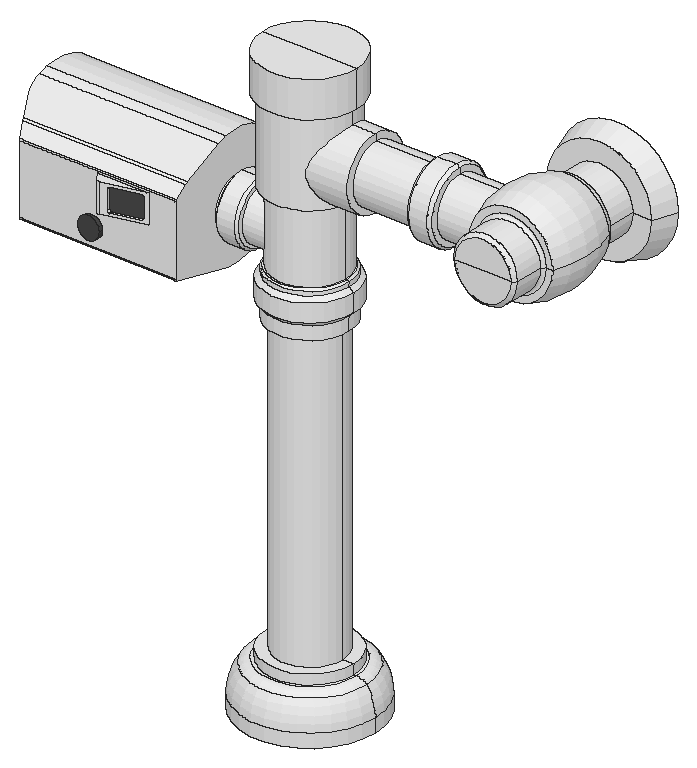
Revit family "Flush_Valve-Toilet-American_Standard-Sensor-6047SM_Series", category Plumbing Fixtures, Revit 2018
Family settings
  Round Connector Dimension = Use Radius
  Part Type = Normal
  OmniClass Number = 23.45.05.14.99
  OmniClass Title = Other Sanitary Washing Plumbing Fixtures
  Work Plane-Based = Yes
  Always vertical = No
  Cut with Voids When Loaded = No
  Shared = Yes
  Room Calculation Point = No
Parameters (values of type "6047SM.111")
  Width = 5 1/4"
  Waste Connection = no
  Warranty Information = "1 Year Limited Warranty"
  WFU = 0
  Vent Connection = no
  URL = "http://www.americanstandard-us.com/"
  Type Comments = ""
  Revised Date = "04/23/2021"  # constant formula
  Product Page URL = "https://www.americanstandard-us.com/bathroom/commercial-flushometers/manual-toilet-flush-valve-with-side-mount-operator-11-gpf-31950"
  Product Documentation Link = "https://www.americanstandard-us.com/-/media/sites/asus/files/product-specs/commercial-flush-valves/toilet-flush-valve-side-operator-6047sm121-6047sm161/spec-sheet-6047sm111-6047sm121-6047sm161.pdf?la=en"
  Price = "Prices may vary. Please consult Manufacturer Representative for most up-to-date price list."  # constant formula
  Model = "6047SM.111"
  Material = "Brass-American Standard-002-Polished Chrome"
  Manufacturer = "American Standard"  # constant formula
  Length = 2 1/4"
  Installation Type = "Surface Mounted"  # constant formula
  IAPMO Compliance = "ASSE 1037, ANSI/ASME A112.19.2, ADA Compliant"  # constant formula
  Height = 13 1/2"
  HWFU = 0
  HW Connection = no
  Flush Rate = "1.1 gpf (4.2 lpf)"
  Finish = Metal-American Standard-Brass-002-Polished Chrome
  Description = "The sensor-operated toilet flush valve features a touch-free side operator that automatically flushes the toilet to keep hands germ-free. This WaterSense certified flush valve is designed to fit ½” (38mm) top spud bowls and can be installed left or right handed."  # constant formula
  Default Elevation = 0"
  Creation Date = "09/16/2019"  # constant formula
  Cold Water Connection Width = 5 1/4"
  Cold Water Connection Radius = 3/8"
  Cold Water Connection Height = 11 1/2"
  Cold Water Connection Diameter = Cold Water Connection Radius * 2  # 3/4"
  CWFU = 5  # constant formula
  CW Connection = yes
  Assembly Code = "D2020300"
  ADA Compliant = yes
Types (4): name | Product Page URL | Model | Flush Rate
  (no name) | "https://www.americanstandard-us.com/bathroom/commercial-flushometers/manual-toilet-flush-valve-with-side-mount-operator-11-gpf-31950" | "6047SM.111" | "1.1 gpf (4.2 lpf)"
  6047SM.111 | "https://www.americanstandard-us.com/bathroom/commercial-flushometers/manual-toilet-flush-valve-with-side-mount-operator-11-gpf-31950" | "6047SM.111" | "1.1 gpf (4.2 lpf)"
  6047SM.121 | "https://www.americanstandard-us.com/bathroom/commercial-flushometers/manual-toilet-flush-valve-with-side-mount-operator-128-gpf-31948" | "6047SM.121" | "1.28 gpf (4.8 lpf)"
  6047SM.161 | "https://www.americanstandard-us.com/bathroom/commercial-flushometers/manual-toilet-flush-valve-with-side-mount-operator-16-gpf-31946" | "6047SM.161" | "1.6 gpf (6.0 lpf)"
Reference planes (in)
  plane 1 "Center (Front/Back)": y = -1.78125
  plane 2: z = 0
  plane 3 "Center (Left/Right)": x = 0
  plane 4: z = 13.5
  plane 5: z = 11.5
  plane 6 "Right": x = 5.25
  plane 7: y = 0.46875
  plane 8: x = -0.75
  plane 9: x = 0.75
  plane 10: y = -3.37741
  plane 11: x = 4.4955
  plane 12: x = 4.52212
  plane 13: x = 4.75
  plane 14: x = 3.87205
  plane 15: x = 3.42517
  plane 16: x = 2.86963
  plane 17: x = 1.5
  plane 18: y = -0.79952
  plane 19: y = -0.04296
Forms (in)
  Revolve 1, solid, material "Metal-American Standard-Brass-002-Polished Chrome" <- "Finish"
    sketch origin (0, -1.78125, 0) x (1, 0, 0) y (0, 0, -1)
      loop
        line (0, 0) -> (0, -13.5) -> (1.08292, -13.5) -> (1.08292, -12.67455) -> (0.97283, -12.67455) -> (0.97283, -10.74574) -> (0.82145, -10.74574) -> (0.82145, -9.08963) -> (0.85876, -9.08963) -> (0.90102, -9.04737) -> (0.90102, -8.95458) -> (0.99883, -8.85677) -> (0.99883, -8.44579) -> (0.90102, -8.34797) -> (0.90102, -8.04002) -> (0.75, -8.04002) -> (0.75, -1.24313) -> (1, -1.24313) -> (1, -1.02729) -> (1.07406, -1.02729)
        arc (1.07406, -1.02729) -> (1.20004, -0.99743) -> (1.29923, -0.91423) r 0.28075
        arc (1.29923, -0.91423) -> (1.4485, -0.62758) -> (1.5, -0.30853) r 1.01405
        line (1.5, -0.30853) -> (1.5, 0) -> (0, 0)
      axis (0, 0) -> (0, -13.5)
    angle from 0 to 360
  Revolve 2, solid, material "Metal-American Standard-Brass-002-Polished Chrome" <- "Finish"
    sketch origin (0.0625, -1.78125, -0.13662) x (1, 0, 0) y (0, 0, -1)
      loop
        line (-0.06434, -9.90057) -> (-2.18898, -9.90057) -> (-2.18898, -10.49114) -> (-1.66905, -10.49114) -> (-1.66905, -10.56986) -> (-1.6157, -10.62321) -> (-1.20908, -10.62321) -> (-1.15574, -10.56986) -> (-1.15574, -10.49114) -> (-0.06434, -10.49114) -> (-0.06434, -9.90057)
      axis (-0.06434, -9.90057) -> (-2.18898, -9.90057)
    angle from 0 to 360
  Revolve 3, solid, material "Metal-American Standard-Brass-002-Polished Chrome" <- "Finish"
    sketch origin (0, -1.78125, -0.15234) x (1, 0, 0) y (0, 0, -1)
      loop
        line (0, -11.65271) -> (0, -12.46307) -> (1.5, -12.46307) -> (1.5, -12.31047) -> (2.86963, -12.31047) -> (2.86963, -12.43567) -> (2.93984, -12.49671) -> (3.35496, -12.49671) -> (3.42517, -12.43567) -> (3.42517, -12.31047) -> (5.25, -12.31047) -> (5.25, -11.65271) -> (0, -11.65271)
      axis (0, -11.65271) -> (5.25, -11.65271)
    angle from 0 to 360
  Revolve 4, solid, material "Metal-American Standard-Brass-002-Polished Chrome" <- "Finish"
    sketch origin (0.14878, -180, 11.5) x (-1, 0, 0) y (0, -1, 0)
      loop
        line (-5.10122, -176.62259) -> (-5.10122, -180.78092) -> (-4.60122, -180.78092) -> (-4.60122, -180.46875) -> (-3.72327, -180.46875) -> (-3.89947, -179.95704) -> (-4.34672, -179.95704) -> (-4.34672, -179.24342)
        arc (-4.34672, -179.24342) -> (-4.34173, -179.21992) -> (-4.32761, -179.20048) r 0.0578
        line (-4.32761, -179.20048) -> (-4.25739, -179.20048)
        arc (-4.25739, -179.20048) -> (-4.20464, -179.11953) -> (-4.20084, -179.02299) r 0.18174
        line (-4.20084, -179.02299) -> (-4.15066, -179.02299)
        arc (-4.15066, -179.02299) -> (-3.98559, -178.21754) -> (-4.15041, -177.41203) r 2.04921
        line (-4.15041, -177.41203) -> (-4.29876, -177.41203)
        arc (-4.29876, -177.41203) -> (-4.3515, -177.39019) -> (-4.37334, -177.33745) r 0.07459
        line (-4.37334, -177.33745) -> (-4.37334, -176.70026) -> (-4.45162, -176.62259) -> (-5.10122, -176.62259)
      axis (-5.10122, -176.62259) -> (-5.10122, -180.78092)
    angle from 0 to 360
  Extrusion 5, solid, material "Metal-American Standard-Brass-002-Polished Chrome" <- "Finish"
    sketch origin (0, 0, -0.77498) x (0, -1, 0) y (0, 0, 1)
      loop
        arc (0.7196, 11.54604) -> (0.66257, 11.44624) -> (0.64278, 11.333) r 0.3338
        line (0.64278, 11.333) -> (0.64278, 10.00245)
        arc (0.64278, 10.00245) -> (0.66336, 9.88528) -> (0.72265, 9.78215) r 0.34375
        arc (0.72265, 9.78215) -> (1.27706, 9.38238) -> (1.95534, 9.29794) r 1.37902
        arc (1.95534, 9.29794) -> (2.00062, 9.30506) -> (2.0454, 9.31483) r 0.77852
        line (2.0454, 9.31483) -> (3.42898, 9.6598)
        arc (3.42898, 9.6598) -> (3.45031, 9.67365) -> (3.45859, 9.6977) r 0.03906
        line (3.45859, 9.6977) -> (3.45859, 11.28703)
        arc (3.45859, 11.28703) -> (3.45492, 11.3036) -> (3.44459, 11.31705) r 0.03919
        line (3.44459, 11.31705) -> (3.19908, 11.52306)
        arc (3.19908, 11.52306) -> (3.17336, 11.54175) -> (3.14529, 11.55667) r 0.22786
        line (3.14529, 11.55667) -> (2.25444, 11.95331)
        arc (2.25444, 11.95331) -> (2.15025, 11.99273) -> (2.04226, 12.02002) r 0.97568
        arc (2.04226, 12.02002) -> (1.31604, 11.96411) -> (0.7196, 11.54604) r 1.37902
    from 1.71353 to 5.8125
  Extrusion 6, void
    sketch origin (-0.14878, 180, 10.72502) x (1, 0, 0) y (0, 1, 0)
      loop
        line (-5.66372, -180.64278) -> (-6.00337, -180.64278) -> (-5.89562, -183.72841) -> (-5.01445, -183.72841) -> (-5.5828, -182.6595)
        arc (-5.5828, -182.6595) -> (-5.64319, -182.50219) -> (-5.66372, -182.33495) r 0.69132
        line (-5.66372, -182.33495) -> (-5.66372, -180.64278)
    from -2.81828 to 0.875
  Extrusion 7, solid, material "Metal-American Standard-Brass-002-Polished Chrome" <- "Finish"
    sketch origin (-0.14878, 180, 10.72502) x (1, 0, 0) y (0, 1, 0)
      loop
        line (-2.04741, -183.41821) -> (-2.04741, -183.16816) -> (-3.56785, -183.16816) -> (-3.21807, -183.66771)
        arc (-3.21807, -183.66771) -> (-3.18801, -183.69098) -> (-3.15006, -183.69314) r 0.06409
        line (-3.15006, -183.69314) -> (-2.04741, -183.41821)
    from -0.91473 to -0.25
  Extrusion 8, void
    sketch origin (-5.8125, 0, -0.77498) x (0, 0, -1) y (0, 1, 0)
      loop
        circle (-10.66593, -1.78125) r 0.1816
      loop
        circle (-10.66593, -1.78125) r 0.13712
      loop
        arc (-11.37543, -0.78504) -> (-11.88524, -1.78125) -> (-11.37543, -2.77746) r 1.22823
        line (-11.37543, -2.77746) -> (-9.93859, -2.77746)
        arc (-9.93859, -2.77746) -> (-9.42878, -1.78125) -> (-9.93859, -0.78504) r 1.22823
        line (-9.93859, -0.78504) -> (-11.37543, -0.78504)
      loop
        line (-11.35495, -2.71496) -> (-9.95907, -2.71496)
        arc (-9.95907, -2.71496) -> (-9.49128, -1.78125) -> (-9.95907, -0.84754) r 1.16573
        line (-9.95907, -0.84754) -> (-11.35495, -0.84754)
        arc (-11.35495, -0.84754) -> (-11.82274, -1.78125) -> (-11.35495, -2.71496) r 1.16573
    from -0.14931 to 0.14401
  Extrusion 9, void
    sketch origin (-1.30197, -1.37802, -0.77498) x (-0.970296, -0.241922, 0) y (0, 0, -1)
      loop
        line (1.66643, -11.19146) -> (2.27505, -11.19146)
        arc (2.27505, -11.19146) -> (2.31651, -11.17428) -> (2.33369, -11.13282) r 0.05863
        line (2.33369, -11.13282) -> (2.33369, -10.70306)
        arc (2.33369, -10.70306) -> (2.31651, -10.6616) -> (2.27505, -10.64443) r 0.05863
        line (2.27505, -10.64443) -> (1.6652, -10.64443)
        arc (1.6652, -10.64443) -> (1.61825, -10.66388) -> (1.5988, -10.71083) r 0.06641
        line (1.5988, -10.71083) -> (1.5988, -11.12382)
        arc (1.5988, -11.12382) -> (1.61861, -11.17165) -> (1.66643, -11.19146) r 0.06763
    from 1.69834 to 1.80167
  Extrusion 10, solid, material "Black Sensor"
    sketch origin (-0.78125, -2.01563, -0.77498) x (-1, 0, 0) y (0, 0, -1)
      loop
        circle (2.88956, -10.10505) r 0.25
    from 0 to 1.52538
Cuts and joins
  joined: Revolve 1, Revolve 2, Revolve 3
  Extrusion 6 cuts Revolve 4
  Extrusion 6, Extrusion 8, Extrusion 9 cuts Extrusion 5
  Extrusion 9 cuts Extrusion 7
  joined: Extrusion 5, Extrusion 7
Lines and regions (in)
  Masking region 1
    outline origin (0.14878, -180, 11.5) x (-1, 0, 0) y (0, -1, 0)
      loop
        line (-4.37395, -177.33579) -> (-4.37395, -176.70026) -> (-4.45162, -176.62259) -> (-5.75141, -176.62259) -> (-5.82908, -176.70026) -> (-5.82908, -177.33983)
        arc (-5.82908, -177.33983) -> (-5.85023, -177.39089) -> (-5.90128, -177.41203) r 0.07221
        line (-5.90128, -177.41203) -> (-6.05179, -177.41203)
        arc (-6.05179, -177.41203) -> (-6.21934, -178.21751) -> (-6.05179, -179.02299) r 2.01983
        line (-6.05179, -179.02299) -> (-6.00161, -179.02299)
        arc (-6.00161, -179.02299) -> (-5.99811, -179.11962) -> (-5.94506, -179.20048) r 0.17982
        line (-5.94506, -179.20048) -> (-5.87488, -179.20048)
        arc (-5.87488, -179.20048) -> (-5.86096, -179.22005) -> (-5.85573, -179.24349) r 0.06061
        line (-5.85573, -179.24349) -> (-5.85573, -179.95704) -> (-6.30298, -179.95704) -> (-6.47918, -180.46875) -> (-5.60122, -180.46875) -> (-5.60122, -180.78092) -> (-4.60122, -180.78092) -> (-4.60122, -180.46875) -> (-3.72327, -180.46875) -> (-3.89947, -179.95704) -> (-4.34634, -179.95704) -> (-4.34634, -179.24244)
        arc (-4.34634, -179.24244) -> (-4.341, -179.21939) -> (-4.32677, -179.20048) r 0.05716
        line (-4.32677, -179.20048) -> (-4.25739, -179.20048)
        arc (-4.25739, -179.20048) -> (-4.20386, -179.11978) -> (-4.20084, -179.02299) r 0.17694
        line (-4.20084, -179.02299) -> (-4.15066, -179.02299) -> (-4.09281, -178.87651) -> (-3.2764, -178.87651) -> (-3.2764, -179.00171) -> (-3.20619, -179.06275) -> (-2.79107, -179.06275) -> (-2.72086, -179.00171) -> (-2.72086, -178.87651) -> (-1.35122, -178.87651) -> (-1.35122, -179.02911) -> (-1.11349, -179.02911)
        arc (-1.11349, -179.02911) -> (0.19981, -179.71788) -> (1.46323, -178.94139) r 1.5
        line (1.46323, -178.94139) -> (1.70198, -178.94139) -> (1.75532, -178.88804) -> (1.75532, -178.80932) -> (1.8623, -178.80932) -> (1.8623, -179.35722) -> (5.96128, -179.35722) -> (5.96128, -177.66505)
        arc (5.96128, -177.66505) -> (5.94074, -177.49781) -> (5.88035, -177.3405) r 0.69132
        line (5.88035, -177.3405) -> (5.45547, -176.54141) -> (4.06958, -176.54141) -> (4.06958, -176.45899) -> (3.60433, -176.45899) -> (3.51562, -176.33229)
        arc (3.51562, -176.33229) -> (3.48556, -176.30902) -> (3.44761, -176.30686) r 0.06409
        line (3.44761, -176.30686) -> (2.50691, -176.54141) -> (1.8623, -176.54141) -> (1.8623, -177.62818) -> (1.75532, -177.62818) -> (1.75532, -177.54946) -> (1.70198, -177.49611) -> (1.46323, -177.49611)
        arc (1.46323, -177.49611) -> (0.19981, -176.71962) -> (-1.11349, -177.40839) r 1.5
        line (-1.11349, -177.40839) -> (-1.35122, -177.40839) -> (-1.35122, -177.56099) -> (-2.72086, -177.56099) -> (-2.72086, -177.43579) -> (-2.79107, -177.37475) -> (-3.20619, -177.37475) -> (-3.2764, -177.43579) -> (-3.2764, -177.56099) -> (-4.09281, -177.56099) -> (-4.15041, -177.41203) -> (-4.30117, -177.41203)
        arc (-4.30117, -177.41203) -> (-4.35222, -177.39089) -> (-4.37337, -177.33983) r 0.07221
  symbolic lines, detail levels medium+fine
    curve 1: line (-3.92081, -3.45859, 11.5) -> (-2.35813, -3.45859, 11.5)
    curve 2: line (-3.45556, -3.54101, 11.5) -> (-3.51327, -3.45859, 11.5)
    curve 3: line (-1.71353, -1.19068, 11.5) -> (-1.71353, -2.37182, 11.5)
    curve 4: line (-1.60655, -1.19068, 11.5) -> (-1.60655, -2.37182, 11.5)
    curve 5: line (-1.5532, -1.05861, 11.5) -> (-1.5532, -2.50389, 11.5)
    curve 6: line (-1.14658, -1.05861, 11.5) -> (-1.31446, -1.05861, 11.5)
    curve 7: line (-1.14658, -2.50389, 11.5) -> (-1.31446, -2.50389, 11.5)
    curve 8: line (-1.14658, -1.05861, 11.5) -> (-1.14658, -2.50389, 11.5)
    curve 9: line (-1.09324, -1.11196, 11.5) -> (-1.09324, -2.45054, 11.5)
    curve 10: circle (0, -1.78125, 11.5) r 1.08292 normal (0, 0, -1)
    curve 11: line (-1.14658, -1.05861, 11.5) -> (-1.09324, -1.11196, 11.5)
    curve 12: line (-1.09324, -2.45054, 11.5) -> (-1.14658, -2.50389, 11.5)
    curve 13: line (-0.90772, -1.19068, 11.5) -> (-1.09324, -1.19068, 11.5)
    curve 14: line (-0.90772, -2.37182, 11.5) -> (-1.09324, -2.37182, 11.5)
    curve 15: line (1.26227, -0.97089, 11.5) -> (0.71835, -0.97089, 11.5)
    curve 16: line (1.5, -1.12349, 11.5) -> (1.5, -2.43901, 11.5)
    curve 17: line (1.26227, -2.59161, 11.5) -> (0.71835, -2.59161, 11.5)
    curve 18: line (2.93984, -0.93725, 11.5) -> (2.93984, -2.62525, 11.5)
    curve 19: line (2.86963, -1.12349, 11.5) -> (2.86963, -2.43901, 11.5)
    curve 20: line (3.35496, -0.93725, 11.5) -> (3.35496, -2.62525, 11.5)
    curve 21: line (3.42517, -1.12349, 11.5) -> (3.42517, -2.43901, 11.5)
    curve 22: arc (4.24159, -1.12349, 11.5) -> (4.35041, -1.78125, 11.5) -> (4.24159, -2.43901, 11.5) r 2.04225
    curve 23: line (4.52212, -3.29974, 11.5) -> (5.97788, -3.29974, 11.5)
    curve 24: line (4.44994, -2.58797, 11.5) -> (6.05006, -2.58797, 11.5)
    curve 25: line (4.34961, -0.97701, 11.5) -> (6.15039, -0.97701, 11.5)
    curve 26: line (4.47639, -0.79952, 11.5) -> (6.02365, -0.79952, 11.5)
    curve 27: line (4.4955, -0.04296, 11.5) -> (6.0045, -0.04296, 11.5)
    curve 28: line (4.75, 0.46875, 11.5) -> (5.75, 0.46875, 11.5)
Dimensions and locks (in)
  "Cold Water Connection Height": plane 5 to plane 2
  "Length": plane 7 to plane 1 "Center (Front/Back)"
  "Height": plane 4 to plane 2
  locked: plane 13 to plane 6 "Right" at 0.5
  locked: plane 12 to plane 6 "Right" at 0.72788
  locked: plane 11 to plane 6 "Right" at 0.7545
  locked: plane 14 to plane 6 "Right" at 1.37795
  locked: plane 6 "Right" to Revolve 4 sketch curve at 0.93358
  "Cold Water Connection Width": plane 3 "Center (Left/Right)" to plane 6 "Right"
  plane 6 "Right" to plane 15 to plane 16 = 1.82483" locked, 0.55554" locked
  locked: plane 7 to plane 19 at 0.51171
  locked: plane 18 to plane 1 "Center (Front/Back)" at 0.98173
  radius of Extrusion 5 sketch curve = 0.3338"
  radius of Extrusion 5 sketch curve = 11/32"
  radius of Extrusion 6 sketch curve = 0.69132"
  aligned and locked: Revolve 4 sketch curve to plane 7
  aligned and locked: plane 6 "Right" to Revolve 4 sketch curve
  aligned and locked: Revolve 4 sketch curve to plane 10
  aligned and locked: plane 12 to Revolve 4 sketch curve
  aligned and locked: Revolve 4 sketch curve to plane 11
  aligned and locked: Revolve 4 sketch curve to plane 13
  aligned and locked: plane 14 to Revolve 4 sketch curve
  aligned and locked: plane 6 "Right" to Revolve 3 sketch curve
  aligned and locked: Revolve 3 sketch curve to plane 3 "Center (Left/Right)"
  aligned and locked: plane 17 to Revolve 3 sketch curve
  aligned and locked: plane 16 to Revolve 3 sketch curve
  aligned and locked: plane 15 to Revolve 3 sketch curve
  aligned and locked: plane 18 to Revolve 4 sketch curve
  aligned and locked: Revolve 4 sketch curve to plane 19
Automatic sketch dimensions
  Revolve 1 sketch curve to level = 0"  (x2)
  Revolve 1 sketch curve to plane 3 "Center (Left/Right)" = 0"  (x2)
  Revolve 1 sketch curve to plane 9 = 0"
  Revolve 1 sketch curve to plane 4 = 0"
  Revolve 1 sketch curve to plane 9 = 0.26405"
  plane 9 to Revolve 1 sketch curve = 0.07145"
  Revolve 1 sketch curve to Revolve 1 sketch curve = 0.03731"
  Revolve 1 sketch curve to Revolve 1 sketch curve = 0.04226"  (x2)
  Revolve 1 sketch curve to Revolve 1 sketch curve = 0.15102"
  Revolve 1 sketch curve to Revolve 1 sketch curve = 0.15138"
  Revolve 1 sketch curve to Revolve 1 sketch curve = 0.09781"  (x3)
  plane 9 to Revolve 1 sketch curve = 1/4"
  Revolve 1 sketch curve to Revolve 1 sketch curve = 0.07406"
  Revolve 1 sketch curve to Revolve 1 sketch curve = 0.11009"
  plane 9 to Revolve 1 sketch curve = 3/4"
  Revolve 1 sketch curve to plane 4 = 0.82545"
  Revolve 1 sketch curve to plane 5 = 0.75426"
  Revolve 1 sketch curve to Revolve 1 sketch curve = 1.65612"
  Revolve 1 sketch curve to Revolve 1 sketch curve = 0.09279"
  Revolve 1 sketch curve to Revolve 1 sketch curve = 0.41098"
  Revolve 1 sketch curve to Revolve 1 sketch curve = 0.30795"
  level to Revolve 1 sketch curve = 1.24313"
  Revolve 1 sketch curve to Revolve 1 sketch curve = 0.21585"
  Revolve 1 sketch curve to Revolve 1 sketch curve = 0.28075"
  level to Revolve 1 sketch curve = 0.30853"
  Revolve 1 sketch curve to Revolve 1 sketch curve = 0.44147"
  Revolve 2 sketch curve to Revolve 2 sketch curve = 0.05334"  (x3)
  plane 8 to Revolve 2 sketch curve = 0.39658"
  Revolve 2 sketch curve to plane 8 = 0.74816"
  Revolve 2 sketch curve to plane 5 = 1.73605"
  Revolve 2 sketch curve to Revolve 2 sketch curve = 0"  (x2)
  Revolve 2 sketch curve to Revolve 2 sketch curve = 0.07872"  (x2)
  plane 8 to Revolve 2 sketch curve = 0.12057"
  plane 16 to Revolve 3 sketch curve = 0.07021"
  Revolve 3 sketch curve to plane 15 = 0.07021"
  plane 5 to Revolve 3 sketch curve = 0.84436"
  plane 5 to Revolve 3 sketch curve = 0.81073"
  Revolve 3 sketch curve to Revolve 3 sketch curve = 0.06103"  (x2)
  Revolve 3 sketch curve to Revolve 3 sketch curve = 0.12521"  (x2)
  plane 5 to Revolve 3 sketch curve = 0.00037"  (x2)
  Revolve 3 sketch curve to plane 9 = 31/256"
  plane 9 to Revolve 3 sketch curve = 33/256"
  Revolve 4 sketch curve to plane 6 "Right" = 0"
  plane 12 to Revolve 4 sketch curve = 0.07828"
  plane 12 to Revolve 4 sketch curve = 0.00446"
  Revolve 4 sketch curve to plane 11 = 0.01911"
  Revolve 4 sketch curve to plane 11 = 0.04797"
  plane 18 to Revolve 4 sketch curve = 0.04294"
  Revolve 4 sketch curve to Revolve 4 sketch curve = 0.03153"
  Revolve 4 sketch curve to plane 11 = 0.14588"
  Revolve 4 sketch curve to Revolve 4 sketch curve = 0.05017"
  Revolve 4 sketch curve to Revolve 4 sketch curve = 0.14835"
  Revolve 4 sketch curve to plane 14 = 0.1762"
  Revolve 4 sketch curve to plane 7 = 0.31217"
  Revolve 4 sketch curve to Revolve 4 sketch curve = 0.13612"
  plane 1 "Center (Front/Back)" to Revolve 4 sketch curve = 0.00154"
  Revolve 4 sketch curve to plane 10 = 0.07767"
  plane 1 "Center (Front/Back)" to Revolve 4 sketch curve = 0.37945"
  Revolve 4 sketch curve to Revolve 4 sketch curve = 1/2"
  Extrusion 5 sketch curve to Extrusion 5 sketch curve = 0"  (x4)
  Extrusion 5 sketch curve to plane 1 "Center (Front/Back)" = 0"
  Extrusion 5 sketch curve to plane 1 "Center (Front/Back)" = 0.79472"
  plane 1 "Center (Front/Back)" to Extrusion 5 sketch curve = 0.07581"
  plane 1 "Center (Front/Back)" to Extrusion 5 sketch curve = 0.07634"
  plane 1 "Center (Front/Back)" to Extrusion 5 sketch curve = 0.26415"
  plane 1 "Center (Front/Back)" to Extrusion 5 sketch curve = 0.47319"
  Extrusion 5 sketch curve to Extrusion 5 sketch curve = 0.79818"
  Extrusion 5 sketch curve to plane 5 = 0.71831"
  Extrusion 5 sketch curve to Extrusion 5 sketch curve = 0.09268"
  Extrusion 5 sketch curve to plane 5 = 0.75192"
  Extrusion 5 sketch curve to Extrusion 5 sketch curve = 0.05379"
  Extrusion 5 sketch curve to Extrusion 5 sketch curve = 0.22032"
  Extrusion 5 sketch curve to Extrusion 5 sketch curve = 1.37413"
  Extrusion 5 sketch curve to Extrusion 5 sketch curve = 0.00945"
  Extrusion 5 sketch curve to plane 5 = 0.95793"
  Extrusion 5 sketch curve to Extrusion 5 sketch curve = 0.02519"
  Extrusion 5 sketch curve to Extrusion 5 sketch curve = 0.014"
  Extrusion 5 sketch curve to plane 5 = 1.213"
  Extrusion 5 sketch curve to Extrusion 5 sketch curve = 0.39605"
  Extrusion 5 sketch curve to Extrusion 5 sketch curve = 0.5957"
  Extrusion 5 sketch curve to Extrusion 5 sketch curve = 0.06778"
  Extrusion 5 sketch curve to Extrusion 5 sketch curve = 1.58933"
  Extrusion 5 sketch curve to Extrusion 5 sketch curve = 0.75539"
  Extrusion 5 sketch curve to plane 5 = 0.94197"
  Extrusion 5 sketch curve to plane 5 = 0.32167"
  plane 7 to Extrusion 6 sketch curve = 1.11153"
  plane 8 to Extrusion 6 sketch curve = 5.40214"
  Extrusion 6 sketch curve to Extrusion 6 sketch curve = 0.10775"
  Extrusion 6 sketch curve to Extrusion 6 sketch curve = 0.33964"
  plane 1 "Center (Front/Back)" to Extrusion 6 sketch curve = 0.87825"
  Extrusion 6 sketch curve to Extrusion 6 sketch curve = 0.08092"
  plane 1 "Center (Front/Back)" to Extrusion 6 sketch curve = 1.94716"
  Extrusion 6 sketch curve to Extrusion 6 sketch curve = 0.88116"
  plane 1 "Center (Front/Back)" to Extrusion 7 sketch curve = 1.38691"
  plane 8 to Extrusion 7 sketch curve = 2.96663"
  Extrusion 7 sketch curve to Extrusion 7 sketch curve = 0.34979"
  Extrusion 7 sketch curve to Extrusion 7 sketch curve = 0.0525"
  Extrusion 7 sketch curve to Extrusion 7 sketch curve = 0.0155"
  Extrusion 7 sketch curve to Extrusion 7 sketch curve = 1.10265"
  Extrusion 7 sketch curve to Extrusion 7 sketch curve = 0.25005"
  Extrusion 7 sketch curve to Extrusion 7 sketch curve = 0.46279"
  Extrusion 7 sketch curve to Extrusion 7 sketch curve = 0.03676"
  Extrusion 8 sketch curve to Extrusion 8 sketch curve = 0"  (x14)
  Extrusion 8 sketch curve to plane 1 "Center (Front/Back)" = 0"  (x2)
  Extrusion 8 sketch curve to plane 5 = 0.89955"  (x2)
  Extrusion 8 sketch curve to Extrusion 8 sketch curve = 0.02048"  (x3)
  Extrusion 8 sketch curve to Extrusion 8 sketch curve = 0.68902"
  Extrusion 8 sketch curve to Extrusion 8 sketch curve = 0.00892"
  Extrusion 8 sketch curve to plane 1 "Center (Front/Back)" = 0.93371"
  Extrusion 8 sketch curve to Extrusion 8 sketch curve = 0.69794"
  Extrusion 8 sketch curve to Extrusion 8 sketch curve = 1/16"
  Extrusion 9 sketch curve to plane 5 = 1.56415"
  Extrusion 9 sketch curve to Extrusion 9 sketch curve = 17/256"
  Extrusion 9 sketch curve to Extrusion 9 sketch curve = 0.06763"
  Extrusion 9 sketch curve to Extrusion 9 sketch curve = 0.60985"
  Extrusion 9 sketch curve to Extrusion 9 sketch curve = 0"
  Extrusion 9 sketch curve to Extrusion 9 sketch curve = 0.05863"
  Extrusion 9 sketch curve to Extrusion 9 sketch curve = 0.41299"
  plane 8 to Extrusion 10 sketch curve = 2.92081"
  Extrusion 10 sketch curve to plane 5 = 2.16993"
  Revolve 2 sketch curve to Revolve 2 sketch curve = 0.9799"
  Revolve 2 sketch curve to Revolve 2 sketch curve = 0.59057"
  Revolve 2 sketch curve to Revolve 2 sketch curve = 0.08665"
  Revolve 2 sketch curve to Revolve 2 sketch curve = 0.45996"
  Masking region 1 sketch curve to Masking region 1 sketch curve = 0"  (x2)
  plane 7 to Masking region 1 sketch curve = 0"  (x2)
  plane 1 "Center (Front/Back)" to Masking region 1 sketch curve = 0"
  Masking region 1 sketch curve to plane 3 "Center (Left/Right)" = 0"
  plane 9 to Masking region 1 sketch curve = 0.51227"  (x2)
  Masking region 1 sketch curve to Masking region 1 sketch curve = 0.23773"  (x2)
  Masking region 1 sketch curve to plane 1 "Center (Front/Back)" = 0.78296"  (x2)
  Masking region 1 sketch curve to Masking region 1 sketch curve = 1.36963"
  Masking region 1 sketch curve to Masking region 1 sketch curve = 0.07021"  (x4)
  plane 1 "Center (Front/Back)" to Masking region 1 sketch curve = 0.844"
  Masking region 1 sketch curve to Masking region 1 sketch curve = 0.41512"  (x2)
  plane 1 "Center (Front/Back)" to Masking region 1 sketch curve = 0.78296"
  Masking region 1 sketch curve to plane 6 "Right" = 1.37795"
  plane 7 to Masking region 1 sketch curve = 131/256"  (x2)
  Masking region 1 sketch curve to Masking region 1 sketch curve = 0.1762"  (x2)
  Masking region 1 sketch curve to Masking region 1 sketch curve = 209/256"  (x2)
  Masking region 1 sketch curve to Masking region 1 sketch curve = 0.05785"
  plane 1 "Center (Front/Back)" to Masking region 1 sketch curve = 0.00124"
  Masking region 1 sketch curve to Masking region 1 sketch curve = 0.1067"
  Masking region 1 sketch curve to Masking region 1 sketch curve = 0.05017"  (x2)
  Masking region 1 sketch curve to Masking region 1 sketch curve = 0.05655"
  Masking region 1 sketch curve to Masking region 1 sketch curve = 0.0318"
  Masking region 1 sketch curve to plane 6 "Right" = 0.80006"
  Masking region 1 sketch curve to Masking region 1 sketch curve = 0.03758"
  Masking region 1 sketch curve to Masking region 1 sketch curve = 0.44687"
  Masking region 1 sketch curve to Masking region 1 sketch curve = 0.04568"
  Masking region 1 sketch curve to Masking region 1 sketch curve = 0.07279"
  Masking region 1 sketch curve to Masking region 1 sketch curve = 0.07767"  (x3)
  Masking region 1 sketch curve to plane 6 "Right" = 1/2"
  plane 6 "Right" to Masking region 1 sketch curve = 1/2"
  plane 6 "Right" to Masking region 1 sketch curve = 0.65019"
  plane 6 "Right" to Masking region 1 sketch curve = 0.72555"
  Masking region 1 sketch curve to Masking region 1 sketch curve = 0.2545"
  Masking region 1 sketch curve to Masking region 1 sketch curve = 0.01915"
  Masking region 1 sketch curve to Masking region 1 sketch curve = 0.07221"  (x2)
  Masking region 1 sketch curve to Masking region 1 sketch curve = 0.0606"
  Masking region 1 sketch curve to Masking region 1 sketch curve = 0.02874"
  Masking region 1 sketch curve to Masking region 1 sketch curve = 0.17483"
  Masking region 1 sketch curve to Masking region 1 sketch curve = 0.1505"
  Masking region 1 sketch curve to Masking region 1 sketch curve = 0.44725"
  plane 8 to Masking region 1 sketch curve = 0.56446"  (x2)
  Masking region 1 sketch curve to Masking region 1 sketch curve = 0.23874"  (x2)
  Masking region 1 sketch curve to Masking region 1 sketch curve = 0.05334"  (x4)
  plane 8 to Masking region 1 sketch curve = 0.96353"
  Masking region 1 sketch curve to Masking region 1 sketch curve = 0.64461"
  Masking region 1 sketch curve to Masking region 1 sketch curve = 0.9407"
  Masking region 1 sketch curve to Masking region 1 sketch curve = 0.0155"
  plane 1 "Center (Front/Back)" to Masking region 1 sketch curve = 1.88646"
  Masking region 1 sketch curve to Masking region 1 sketch curve = 0.0525"
  Masking region 1 sketch curve to Masking region 1 sketch curve = 0.08872"
  Masking region 1 sketch curve to Masking region 1 sketch curve = 0.46525"
  plane 1 "Center (Front/Back)" to Masking region 1 sketch curve = 0.5537"
  Masking region 1 sketch curve to Masking region 1 sketch curve = 1.20037"
  plane 1 "Center (Front/Back)" to Masking region 1 sketch curve = 1.67734"
  Masking region 1 sketch curve to Masking region 1 sketch curve = 0.18552"
  plane 1 "Center (Front/Back)" to Masking region 1 sketch curve = 0.87825"
  Masking region 1 sketch curve to Masking region 1 sketch curve = 0.6104"
  Masking region 1 sketch curve to Masking region 1 sketch curve = 0.31217"
  plane 7 to Masking region 1 sketch curve = 1.11153"
  Masking region 1 sketch curve to Masking region 1 sketch curve = 0.71234"
  Masking region 1 sketch curve to Masking region 1 sketch curve = 0.71349"
  Masking region 1 sketch curve to Masking region 1 sketch curve = 0.00121"
  Masking region 1 sketch curve to Masking region 1 sketch curve = 0.00111"
  Masking region 1 sketch curve to Masking region 1 sketch curve = 0.13441"
  Masking region 1 sketch curve to Masking region 1 sketch curve = 0.13544"
  Masking region 1 sketch curve to Masking region 1 sketch curve = 0.06103"  (x2)
  Masking region 1 sketch curve to Masking region 1 sketch curve = 0.1526"
  Masking region 1 sketch curve to Masking region 1 sketch curve = 0.12521"  (x3)
  Masking region 1 sketch curve to Masking region 1 sketch curve = 0.07872"  (x2)
  plane 1 "Center (Front/Back)" to Masking region 1 sketch curve = 0.59057"
  Masking region 1 sketch curve to Masking region 1 sketch curve = 0.14896"
  Masking region 1 sketch curve to Masking region 1 sketch curve = 0.63957"  (x2)
  Masking region 1 sketch curve to Masking region 1 sketch curve = 0.95471"
  Masking region 1 sketch curve to Masking region 1 sketch curve = 0.08242"
  Masking region 1 sketch curve to Masking region 1 sketch curve = 0.03676"
  Masking region 1 sketch curve to Masking region 1 sketch curve = 0.20836"
  Masking region 1 sketch curve to Masking region 1 sketch curve = 0.15076"
  Masking region 1 sketch curve to Masking region 1 sketch curve = 0.00404"
  Masking region 1 sketch curve to plane 1 "Center (Front/Back)" = 0.59057"
  Masking region 1 sketch curve to Masking region 1 sketch curve = 0.16033"
  plane 7 to curve 28 = 0"
  plane 1 "Center (Front/Back)" to curve 22 = 0"
  plane 1 "Center (Front/Back)" to curve 10 = 0"
  curve 10 to plane 3 "Center (Left/Right)" = 0"
  plane 9 to curve 22 = 1.55816"
  plane 8 to curve 9 = 0.34324"
  curve 9 to curve 12 = 0.05334"  (x2)
  curve 8 to plane 1 "Center (Front/Back)" = 0.72264"
  curve 6 to curve 11 = 0.05334"
  plane 1 "Center (Front/Back)" to curve 9 = 0.66929"
  curve 15 to plane 9 = 0.03165"
  curve 17 to plane 9 = 0.03165"
  plane 9 to curve 15 = 0.51227"
  plane 9 to curve 17 = 0.51227"
  curve 16 to curve 15 = 0.23773"
  curve 19 to curve 22 = 0.56147"
  curve 18 to curve 19 = 0.07021"
  curve 20 to curve 18 = 0.41512"
  curve 21 to curve 20 = 0.07021"
  curve 22 to curve 21 = 209/256"  (x2)
  curve 22 to plane 1 "Center (Front/Back)" = 0.65776"
  curve 25 to curve 22 = 0.10803"
  curve 24 to curve 22 = 0.20836"
  curve 26 to curve 25 = 0.12678"
  curve 27 to plane 6 "Right" = 0.7545"
  curve 23 to curve 24 = 0.07217"
  curve 28 to plane 6 "Right" = 1/2"
  plane 6 "Right" to curve 28 = 1/2"
  plane 6 "Right" to curve 23 = 0.72788"
  curve 27 to curve 28 = 0.2545"
  curve 26 to curve 27 = 0.01915"
  curve 24 to curve 23 = 0.07217"
  curve 25 to curve 26 = 0.12673"
  plane 8 to curve 13 = 0.15772"
  plane 8 to curve 14 = 0.15772"
  curve 6 to curve 6 = 0.16788"
  curve 7 to curve 7 = 0.16788"
  curve 6 to curve 5 = 0.23874"
  curve 5 to curve 4 = 0.05334"
  curve 4 to curve 3 = 0.10698"
  curve 5 to curve 1 = 0.80493"
  curve 1 to curve 2 = 1.09742"
  curve 2 to curve 2 = 0.05771"
  curve 2 to curve 1 = 0.40754"
  plane 7 to curve 27 = 131/256"
  curve 26 to curve 22 = 0.32397"
  curve 18 to plane 1 "Center (Front/Back)" = 0.844"
  curve 18 to curve 20 = 0"
  curve 15 to plane 1 "Center (Front/Back)" = 0.81036"
  curve 25 to curve 22 = 0.14648"
  curve 5 to curve 6 = 0"
  curve 15 to curve 16 = 0.1526"
  curve 20 to curve 21 = 0.18624"
  curve 18 to curve 19 = 0.18624"
  curve 5 to curve 4 = 0.13207"
  curve 3 to curve 4 = 0"  (x2)
  curve 3 to curve 7 = 0.13207"
  plane 1 "Center (Front/Back)" to curve 21 = 0.65776"
  curve 16 to curve 17 = 0.1526"
  curve 19 to curve 21 = 0"
  curve 4 to curve 5 = 0.13207"
  curve 22 to curve 24 = 0.14896"
  curve 21 to curve 20 = 0.18624"
  curve 19 to curve 18 = 0.18624"
  curve 24 to curve 23 = 0.71178"
  plane 1 "Center (Front/Back)" to curve 1 = 1.67734"
  curve 2 to curve 2 = 0.08242"
  radius of Extrusion 8 sketch curve = 0.1816"
  radius of Extrusion 8 sketch curve = 0.13712"
  radius of Extrusion 10 sketch curve = 1/4"
Connectors (in)
  piping at (5.25, 0.78092, 11.5), diameter 0.75, driven by "Cold Water Connection Radius", driven by "CWFU"
    settings: on Revolve 4, index 1, connector inside diameter 3/4", connector length 0", flow factor 0, pipe flow 0 GPM, pressure drop 0.00 psi, fitting loss kfactor 0, connector angle 0.00°, fixture units 5, engagement length 0", angle of deflection 0.00°, flow configuration 3, flow direction 1, fitting loss method 0, system type 20, joint type 0, gender type 0, connector reference index -1, connector utility 0, adjustable connector no, is connector primary yes, connector description "SUPPLY DN 3/4\" I.P.S."
